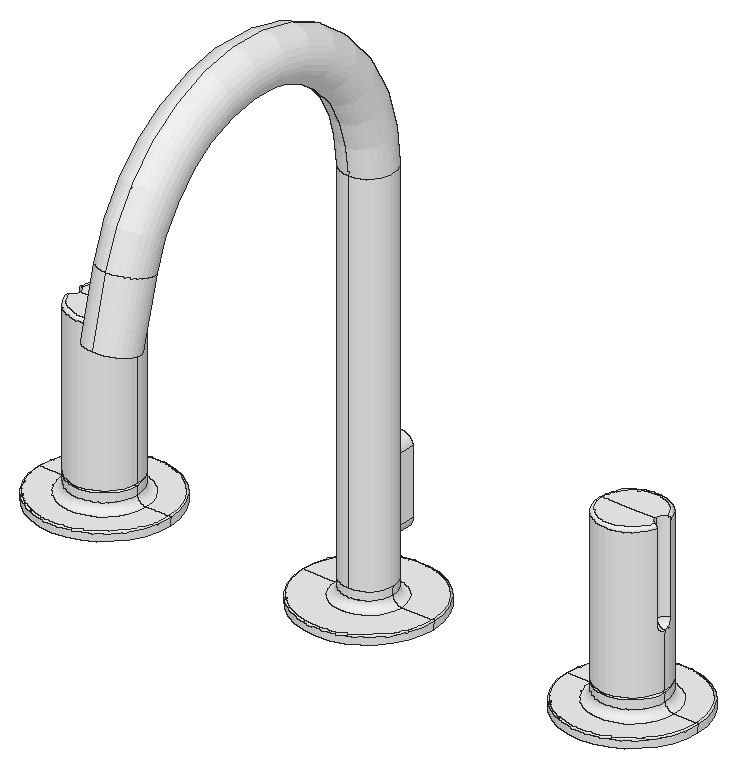
Revit family "Faucet-Two_Handle-American_Standard-Studio_S-7105.8X1_Series", category Plumbing Fixtures, Revit 2014
Parameters (values of type "7105821")
  Width = 4 7/8"  # constant formula
  Waste Connection = yes
  Warranty Information = "Limited Lifetime Function and Finish Warranty"  # constant formula
  WFU = 2  # constant formula
  Vent Connection = yes
  URL = "https://www.americanstandard-us.com/"
  Specification = "Two-handle widespread lavatory faucet shall feature cast brass valve bodies with flexible hose connections for 6\" to 12\" installations. Shall also feature 1/4 turn washerless ceramic disc valve cartridges. Shall also feature a metal drain body with stainless steel cable actuation."
  Product Page URL = "https://www.americanstandard-us.com/bathroom/bathroom-sink-faucets/studio-s-widespread-bathroom-faucet-31969"
  Product Documentation Link = "https://www.americanstandard-us.com/-/media/sites/asus/files/product-specs/bathroom-sink-faucets/2017/specsheet-7105801-7105821.pdf?la=en"
  Price = "Prices may vary. Please consult Manufacturer Representative for most up-to-date price list."  # constant formula
  Model = "7105821"
  Material = "Brass-American Standard-002-Polished Chrome"
  Manufacturer = "American Standard"  # constant formula
  Lever Handles = no
  Length = 8"
  Knob Handles = yes
  Installation Type = "Deck Mounted"  # constant formula
  Hot Water Connection Radius = 1/4"  # constant formula
  Hot Water Connection Diameter = Hot Water Connection Radius * 2  # 1/2"
  Height = 8 11/16"  # constant formula
  HWFU = 1.5  # constant formula
  HW Connection = no
  Flow Rate = "1.2 gpm/ 4.5 L/min."  # constant formula
  Finish = Brass-American Standard-002-Polished Chrome
  Description = "Studio S Two-Handle Widespread Lavatory Faucet. Metal Speed Connect® pop-up drain. Metal knob handles."
  Default Elevation = 0"
  Creation Date = "01/03/2018"  # constant formula
  Cold Water Connection Radius = 1/4"  # constant formula
  Cold Water Connection Diameter = Cold Water Connection Radius * 2  # 1/2"
  CWFU = 1.5  # constant formula
  CW Connection = yes
  Assembly Code = "D2020300"
  ADA Compliant = yes
Types (3): name | Product Page URL | Model | Lever Handles | Knob Handles | Description
  (no name) | "https://www.americanstandard-us.com/bathroom/bathroom-sink-faucets/studio-s-widespread-bathroom-faucet-31969" | "7105821" | no | yes | "Studio S Two-Handle Widespread Lavatory Faucet. Metal Speed Connect® pop-up drain. Metal knob handles."
  7105801 | "https://www.americanstandard-us.com/bathroom/bathroom-sink-faucets/studio-s-widespread-bathroom-faucet-31966" | "7105801" | yes | no | "Studio S Two-Handle Widespread Lavatory Faucet. Metal Speed Connect® pop-up drain. Metal lever handles."
  7105821 | "https://www.americanstandard-us.com/bathroom/bathroom-sink-faucets/studio-s-widespread-bathroom-faucet-31969" | "7105821" | no | yes | "Studio S Two-Handle Widespread Lavatory Faucet. Metal Speed Connect® pop-up drain. Metal knob handles."
Reference planes (in)
  plane 1 "Center (Front/Back)": y = 0
  plane 2: z = 0
  plane 3 "Center (Left/Right)": x = 0
  plane 4: x = 4
  plane 5: x = -4
  plane 6: y = -4.875
  plane 7: z = 8.6875
  plane 8: z = 5.5625
  plane 9: x = -1
  plane 10: x = 1
  plane 11: x = 6.6875
  plane 12: x = -6.6875
  plane 13: z = 2.75498
  plane 14: z = 2.07971
  plane 15: z = 0.77461
Forms (in)
  Sweep 1, solid, material "Brass-American Standard-002-Polished Chrome" <- "Finish"
    path origin (0, 0, 0) x (0, 1, 0) y (0, 0, 1)
      loop
        line (0, 0.375) -> (0, 5.97193)
        arc (0, 5.97193) -> (-2.03574, 8.29325) -> (-4.60292, 6.57792) r 2.34135
        line (-4.60292, 6.57792) -> (-4.86174, 5.61199)
    profile origin (0, 0, 3.17347) x (0, -1, 0) y (1, 0, 0)
      loop
        circle (0, 0) r 0.37586
  Revolve 2, solid, material "Brass-American Standard-002-Polished Chrome" <- "Finish"
    sketch origin (0, 0, 0) x (1, 0, 0) y (0, 0, 1)
      loop
        line (1, 0) -> (1, 0.10498)
        arc (1, 0.10498) -> (0.99414, 0.11914) -> (0.97998, 0.125) r 0.02002
        line (0.97998, 0.125) -> (0.50076, 0.125)
        arc (0.50076, 0.125) -> (0.41244, 0.16158) -> (0.37586, 0.24989) r 0.12489
        line (0.37586, 0.24989) -> (0.37586, 0.375) -> (0, 0.375) -> (0, 0) -> (1, 0)
      axis (0, 0.375) -> (0, 0)
    angle from 0 to 360
  Revolve 3, solid, material "Brass-American Standard-002-Polished Chrome" <- "Finish", visible <- "Lever Handles"
    sketch origin (4, 0, 0) x (1, 0, 0) y (0, 0, 1)
      loop
        line (1, 0) -> (1, 0.10498)
        arc (1, 0.10498) -> (0.99414, 0.11914) -> (0.97998, 0.125) r 0.02002
        line (0.97998, 0.125) -> (0.62576, 0.125)
        arc (0.62576, 0.125) -> (0.53744, 0.16158) -> (0.50086, 0.24989) r 0.12489
        line (0.50086, 0.24989) -> (0.50086, 0.375) -> (0.3919, 0.375) -> (0.3919, 0.40642) -> (0.50086, 0.40642) -> (0.50086, 2.69722) -> (0, 2.69722) -> (0, 0) -> (1, 0)
      axis (0, 2.69722) -> (0, 0)
    angle from 0 to 360
  Sweep 4, solid, material "Brass-American Standard-002-Polished Chrome" <- "Finish", visible <- "Lever Handles"
    path origin (0, 0, 0) x (1, 0, 0) y (0, 1, 0)
      loop
        line (4.37698, -0.32978) -> (6.40336, -0.32978)
        arc (6.40336, -0.32978) -> (6.55805, -0.28396) -> (6.66283, -0.1613) r 0.28404
        arc (6.66283, -0.1613) -> (6.68119, -0.10481) -> (6.6874, -0.04574) r 0.28404
        line (6.6874, -0.04574) -> (6.6874, 0.04574)
        arc (6.6874, 0.04574) -> (6.68119, 0.10481) -> (6.66283, 0.1613) r 0.28404
        arc (6.66283, 0.1613) -> (6.55805, 0.28396) -> (6.40336, 0.32978) r 0.28404
        line (6.40336, 0.32978) -> (4.37698, 0.32978)
        arc (4.37698, 0.32978) -> (3.82386, 0.46887) -> (3.49914, 0) r 0.50086
        arc (3.49914, 0) -> (3.82386, -0.46887) -> (4.37698, -0.32978) r 0.50086
    profile origin (5.39017, -0.32978, 0) x (0, 1, 0) y (0, 0, 1)
      loop
        line (0, 2.69722) -> (0.05828, 2.69722) -> (0.05828, 2.75498) -> (0.02478, 2.75498)
        arc (0.02478, 2.75498) -> (0.00726, 2.74772) -> (0, 2.73021) r 0.02478
        line (0, 2.73021) -> (0, 2.69722)
  Extrusion 5, solid, material "Brass-American Standard-002-Polished Chrome" <- "Finish", visible <- "Lever Handles"
    sketch origin (0, 0, -0.03125) x (1, 0, 0) y (0, 1, 0)
      loop
        arc (4.34952, 0.27149) -> (3.55742, 0) -> (4.34952, -0.27149) r 0.44258
        line (4.34952, -0.27149) -> (6.40336, -0.27149)
        arc (6.40336, -0.27149) -> (6.52631, -0.23508) -> (6.60959, -0.13759) r 0.22575
        arc (6.60959, -0.13759) -> (6.62418, -0.09269) -> (6.62912, -0.04574) r 0.22575
        line (6.62912, -0.04574) -> (6.62912, 0.04574)
        arc (6.62912, 0.04574) -> (6.62418, 0.09269) -> (6.60959, 0.13759) r 0.22575
        arc (6.60959, 0.13759) -> (6.52631, 0.23508) -> (6.40336, 0.27149) r 0.22575
        line (6.40336, 0.27149) -> (4.34952, 0.27149)
    from 2.72847 to 2.78623
  Revolve 6, solid, material "Brass-American Standard-002-Polished Chrome" <- "Finish", visible <- "Lever Handles"
    sketch origin (0, 0, -0.24223) x (1, 0, 0) y (0, 0, 1)
      loop
        arc (6.40336, 2.60968) -> (6.60421, 2.69287) -> (6.6874, 2.89372) r 0.28404
        line (6.6874, 2.89372) -> (6.6874, 2.93946) -> (4, 2.93946) -> (4, 2.60968) -> (6.40336, 2.60968)
      axis (4, 2.93946) -> (6.6874, 2.93946)
    angle from 90 to -90
  Revolve 7, solid, material "Brass-American Standard-002-Polished Chrome" <- "Finish", visible <- "Lever Handles"
    sketch origin (-4, 0, 0) x (-1, 0, 0) y (0, 0, 1)
      loop
        line (1, 0) -> (1, 0.10498)
        arc (1, 0.10498) -> (0.99414, 0.11914) -> (0.97998, 0.125) r 0.02002
        line (0.97998, 0.125) -> (0.62576, 0.125)
        arc (0.62576, 0.125) -> (0.53744, 0.16158) -> (0.50086, 0.24989) r 0.12489
        line (0.50086, 0.24989) -> (0.50086, 0.375) -> (0.3919, 0.375) -> (0.3919, 0.40642) -> (0.50086, 0.40642) -> (0.50086, 2.69722) -> (0, 2.69722) -> (0, 0) -> (1, 0)
      axis (0, 2.69722) -> (0, 0)
    angle from 0 to 360
  Sweep 8, solid, material "Brass-American Standard-002-Polished Chrome" <- "Finish", visible <- "Lever Handles"
    path origin (0, 0, 0) x (-1, 0, 0) y (0, 1, 0)
      loop
        line (4.37698, -0.32978) -> (6.40336, -0.32978)
        arc (6.40336, -0.32978) -> (6.55805, -0.28396) -> (6.66283, -0.1613) r 0.28404
        arc (6.66283, -0.1613) -> (6.68119, -0.10481) -> (6.6874, -0.04574) r 0.28404
        line (6.6874, -0.04574) -> (6.6874, 0.04574)
        arc (6.6874, 0.04574) -> (6.68119, 0.10481) -> (6.66283, 0.1613) r 0.28404
        arc (6.66283, 0.1613) -> (6.55805, 0.28396) -> (6.40336, 0.32978) r 0.28404
        line (6.40336, 0.32978) -> (4.37698, 0.32978)
        arc (4.37698, 0.32978) -> (3.82386, 0.46887) -> (3.49914, 0) r 0.50086
        arc (3.49914, 0) -> (3.82386, -0.46887) -> (4.37698, -0.32978) r 0.50086
    profile origin (-5.39017, -0.32978, 0) x (0, -1, 0) y (0, 0, 1)
      loop
        line (0, 2.69722) -> (0, 2.73021)
        arc (0, 2.73021) -> (-0.00726, 2.74772) -> (-0.02478, 2.75498) r 0.02478
        line (-0.02478, 2.75498) -> (-0.05828, 2.75498) -> (-0.05828, 2.69722) -> (0, 2.69722)
  Extrusion 9, solid, material "Brass-American Standard-002-Polished Chrome" <- "Finish", visible <- "Lever Handles"
    sketch origin (0, 0, -0.03125) x (-1, 0, 0) y (0, -1, 0)
      loop
        line (4.34952, -0.27149) -> (6.40336, -0.27149)
        arc (6.40336, -0.27149) -> (6.52631, -0.23508) -> (6.60959, -0.13759) r 0.22575
        arc (6.60959, -0.13759) -> (6.62418, -0.09269) -> (6.62912, -0.04574) r 0.22575
        line (6.62912, -0.04574) -> (6.62912, 0.04574)
        arc (6.62912, 0.04574) -> (6.62418, 0.09269) -> (6.60959, 0.13759) r 0.22575
        arc (6.60959, 0.13759) -> (6.52631, 0.23508) -> (6.40336, 0.27149) r 0.22575
        line (6.40336, 0.27149) -> (4.34952, 0.27149)
        arc (4.34952, 0.27149) -> (3.55742, 0) -> (4.34952, -0.27149) r 0.44258
    from 2.72847 to 2.78623
  Revolve 10, solid, material "Brass-American Standard-002-Polished Chrome" <- "Finish", visible <- "Lever Handles"
    sketch origin (0, 0, -0.24223) x (-1, 0, 0) y (0, 0, -1)
      loop
        line (6.40336, -2.60968) -> (4, -2.60968) -> (4, -2.93946) -> (6.6874, -2.93946) -> (6.6874, -2.89372)
        arc (6.6874, -2.89372) -> (6.60421, -2.69287) -> (6.40336, -2.60968) r 0.28404
      axis (4, -2.93946) -> (6.6874, -2.93946)
    angle from 90 to -90
  Extrusion 11, solid, material "Brass-American Standard-002-Polished Chrome" <- "Finish"
    sketch origin (0, 0, 0) x (1, 0, 0) y (0, 0, 1)
      loop
        arc (0.16462, 1.91509) -> (0, 2.07971) -> (-0.16462, 1.91509) r 0.16462
        line (-0.16462, 1.91509) -> (-0.16462, 0.93923)
        arc (-0.16462, 0.93923) -> (0, 0.77461) -> (0.16462, 0.93923) r 0.16462
        line (0.16462, 0.93923) -> (0.16462, 1.91509)
    from -0.63588 to 0
  Revolve 12, solid, material "Brass-American Standard-002-Polished Chrome" <- "Finish"
    sketch origin (0, 0, 0) x (0, 1, 0) y (0, 0, 1)
      loop
        line (-4.875, 5.5625) -> (-4.86174, 5.61199) -> (-5.11634, 5.68021)
        arc (-5.11634, 5.68021) -> (-5.00176, 5.60887) -> (-4.875, 5.5625) r 0.65566
      axis (-4.86174, 5.61199) -> (-4.875, 5.5625)
    angle from 0 to 360
  Revolve 13, solid, material "Brass-American Standard-002-Polished Chrome" <- "Finish", visible <- "Knob Handles"
    sketch origin (0, 0, -3.8662) x (1, 0, 0) y (0, 0, 1)
      loop
        line (-5, 3.8662) -> (-4, 3.8662) -> (-4, 6.56343) -> (-4.45247, 6.56343)
        arc (-4.45247, 6.56343) -> (-4.48669, 6.54925) -> (-4.50086, 6.51503) r 0.04839
        line (-4.50086, 6.51503) -> (-4.50086, 4.27262) -> (-4.3919, 4.27262) -> (-4.3919, 4.2412) -> (-4.50086, 4.2412) -> (-4.50086, 4.1161)
        arc (-4.50086, 4.1161) -> (-4.53744, 4.02779) -> (-4.62576, 3.9912) r 0.12489
        line (-4.62576, 3.9912) -> (-4.97998, 3.9912)
        arc (-4.97998, 3.9912) -> (-4.99414, 3.98534) -> (-5, 3.97119) r 0.02002
        line (-5, 3.97119) -> (-5, 3.8662)
      axis (-4, 6.56343) -> (-4, 3.8662)
    angle from 0 to 360
  Revolve 14, void
    sketch origin (0, 0, -3.3662) x (1, 0, 0) y (0, 0, 1)
      loop
        line (-4.50086, 6.11145) -> (-4.50086, 4.58334)
        arc (-4.50086, 4.58334) -> (-4.4048, 4.61266) -> (-4.3634, 4.70417) r 0.12183
        line (-4.3634, 4.70417) -> (-4.3634, 6.11145) -> (-4.50086, 6.11145)
      axis (-4.50086, 6.11145) -> (-4.50086, 4.58334)
    angle from 0 to 360
  Revolve 15, solid, material "Brass-American Standard-002-Polished Chrome" <- "Finish", visible <- "Knob Handles"
    sketch origin (0, 0, -3.8662) x (-1, 0, 0) y (0, 0, 1)
      loop
        line (-5, 3.8662) -> (-4, 3.8662) -> (-4, 6.56343) -> (-4.45247, 6.56343)
        arc (-4.45247, 6.56343) -> (-4.48669, 6.54925) -> (-4.50086, 6.51503) r 0.04839
        line (-4.50086, 6.51503) -> (-4.50086, 4.27262) -> (-4.3919, 4.27262) -> (-4.3919, 4.2412) -> (-4.50086, 4.2412) -> (-4.50086, 4.1161)
        arc (-4.50086, 4.1161) -> (-4.53744, 4.02779) -> (-4.62576, 3.9912) r 0.12489
        line (-4.62576, 3.9912) -> (-4.97998, 3.9912)
        arc (-4.97998, 3.9912) -> (-4.99414, 3.98534) -> (-5, 3.97119) r 0.02002
        line (-5, 3.97119) -> (-5, 3.8662)
      axis (-4, 6.56343) -> (-4, 3.8662)
    angle from 0 to 360
  Revolve 16, void
    sketch origin (0, 0, -3.3662) x (-1, 0, 0) y (0, 0, 1)
      loop
        line (-4.50086, 6.11145) -> (-4.50086, 4.58334)
        arc (-4.50086, 4.58334) -> (-4.4048, 4.61266) -> (-4.3634, 4.70417) r 0.12183
        line (-4.3634, 4.70417) -> (-4.3634, 6.11145) -> (-4.50086, 6.11145)
      axis (-4.50086, 6.11145) -> (-4.50086, 4.58334)
    angle from 0 to 360
Cuts and joins
  joined: Revolve 3, Sweep 4, Extrusion 5, Revolve 6, Revolve 7, Sweep 8, Extrusion 9, Revolve 10
  Revolve 14, Revolve 16 cuts Revolve 13
  Revolve 16 cuts Revolve 15
  joined: Sweep 1, Revolve 2, Extrusion 11, Revolve 12
Lines and regions (in)
  Masking region 1, visible <- "Lever Handles"
    outline origin (0, 0, 0) x (1, 0, 0) y (0, 1, 0)
      loop
        arc (4.94403, 0.32985) -> (3, -0.00004) -> (4.94406, -0.32978) r 1
        line (4.94406, -0.32978) -> (6.41468, -0.32978)
        arc (6.41468, -0.32978) -> (6.60797, -0.24573) -> (6.6875, -0.05054) r 0.27932
        line (6.6875, -0.05054) -> (6.6875, 0.05054)
        arc (6.6875, 0.05054) -> (6.60569, 0.24804) -> (6.40818, 0.32985) r 0.27932
        line (6.40818, 0.32985) -> (4.94403, 0.32985)
      loop
        line (-4.94406, 0.32977) -> (-6.40845, 0.32977)
        arc (-6.40845, 0.32977) -> (-6.60587, 0.24799) -> (-6.68764, 0.05058) r 0.27919
        line (-6.68764, 0.05058) -> (-6.68764, -0.05054)
        arc (-6.68764, -0.05054) -> (-6.60849, -0.24538) -> (-6.41587, -0.32982) r 0.27939
        line (-6.41587, -0.32982) -> (-4.94404, -0.32982)
        arc (-4.94404, -0.32982) -> (-3, 0.00003) -> (-4.94406, 0.32977) r 1
  Masking region 2
    outline origin (0, 0, 0) x (1, 0, 0) y (0, 1, 0)
      loop
        arc (0.37586, -0.92668) -> (0, 1) -> (-0.37586, -0.92668) r 1
        line (-0.37586, -0.92668) -> (-0.37586, -4.86174)
        spline (-0.37586, -4.86174) -> (-0.36306, -4.9557) -> (-0.32551, -5.04327) -> (-0.26578, -5.11846) -> (-0.18793, -5.17615) -> (-0.09728, -5.21242) -> (0, -5.22479) -> (0.09728, -5.21242) -> (0.18793, -5.17615) -> (0.26578, -5.11846) -> (0.32551, -5.04327) -> (0.36306, -4.9557) -> (0.37586, -4.86174)
        line (0.37586, -4.86174) -> (0.37586, -0.92668)
  Masking region 3, visible <- "Knob Handles"
    outline origin (0, 0, 0) x (1, 0, 0) y (0, 1, 0)
      loop
        circle (-4, -0.00001) r 1
      loop
        circle (4, 0) r 1
  symbolic lines, visible <- "Lever Handles", detail levels medium+fine
    curve 1: line (4.94403, 0.32985, 0) -> (4.37701, 0.32985, 0)
    curve 2: line (4.94406, -0.32978, 0) -> (4.37701, -0.32978, 0)
    curve 3: arc (4.37701, 0.32985, 0) -> (3.49914, 0.00004, 0) -> (4.37701, -0.32978, 0) r 0.50089
    curve 4: line (-4.94406, 0.32977, 0) -> (-4.37728, 0.32977, 0)
    curve 5: line (-4.94404, -0.32982, 0) -> (-4.37728, -0.32982, 0)
    curve 6: arc (-4.37728, 0.32977, 0) -> (-3.49914, -0.00003, 0) -> (-4.37728, -0.32982, 0) r 0.501
  symbolic lines, detail levels medium+fine
    curve 7: line (-0.37586, -0.92668, 0) -> (-0.37586, 0, 0)
    curve 8: line (0.37586, -0.92668, 0) -> (0.37586, 0, 0)
    curve 9: arc (-0.37586, 0, 0) -> (0, 0.37586, 0) -> (0.37586, 0, 0) r 0.37586
  symbolic lines, detail levels fine
    curve 10: line (0.16462, 0.63588, 0) -> (-0.16462, 0.63588, 0)
    curve 11: line (0.16462, 0.63588, 0) -> (0.16462, 0.33789, 0)
    curve 12: line (-0.16462, 0.63588, 0) -> (-0.16462, 0.33789, 0)
  symbolic lines, visible <- "Knob Handles", detail levels medium+fine
    curve 13: circle (-4, 0, 0) r 0.50086 normal (0, 0, -1)
    curve 14: circle (4, 0, 0) r 0.50086 normal (0, 0, 1)
  symbolic lines, visible <- "Knob Handles", detail levels fine
    curve 15: arc (-4.482, -0.13616, 0) -> (-4.3634, 0, 0) -> (-4.482, 0.13616, 0) r 0.13746
    curve 16: arc (4.482, -0.13616, 0) -> (4.3634, 0, 0) -> (4.482, 0.13616, 0) r 0.13746
Dimensions and locks (in)
  "Width": plane 1 "Center (Front/Back)" to plane 6
  "Height": plane 7 to plane 2
  plane 8 to plane 2 = 5 9/16"
  plane 13 to plane 2 = 2.75498"
  equal spacing: plane 4, plane 3 "Center (Left/Right)", plane 5
  locked: plane 11 to plane 4 at 2.6875
  locked: plane 5 to plane 12 at 2.6875
  "Length": plane 4 to plane 5
  aligned and locked: Masking region 1 sketch curve to plane 11
  aligned and locked: Masking region 3 sketch curve to Masking region 1  (x2)
  aligned and locked: curve 13 to cut or joined group of Revolve 13, Revolve 14, Revolve 16
  aligned and locked: curve 15 to cut or joined group of Revolve 13, Revolve 14, Revolve 16
  aligned and locked: curve 16 to cut or joined group of Revolve 15, Revolve 16
Automatic sketch dimensions
  Sweep 1 sketch curve to plane 1 "Center (Front/Back)" = 0"
  plane 8 to Sweep 1 sketch curve = 0.40943"
  plane 1 "Center (Front/Back)" to Sweep 1 sketch curve = 2.34135"
  Sweep 1 sketch curve to plane 6 = 0.27208"
  Sweep 1 sketch curve to plane 6 = 0.01326"
  plane 8 to Sweep 1 sketch curve = 0.04949"
  level to Sweep 1 sketch curve = 3/8"
  Sweep 1 sketch curve to plane 3 "Center (Left/Right)" = 0"
  Sweep 1 sketch curve to profile plane = 0"
  Revolve 2 sketch curve to plane 3 "Center (Left/Right)" = 0"  (x2)
  Revolve 2 sketch curve to level = 0"
  Revolve 2 sketch curve to plane 10 = 0"
  level to Revolve 2 sketch curve = 0.24989"
  plane 3 "Center (Left/Right)" to Revolve 2 sketch curve = 0.37586"
  Revolve 2 sketch curve to Revolve 2 sketch curve = 0.12489"
  Revolve 2 sketch curve to Revolve 2 sketch curve = 0.02002"
  Revolve 2 sketch curve to Revolve 2 sketch curve = 3/8"
  Revolve 2 sketch curve to level = 0.37689"
  plane 13 to Revolve 2 sketch curve = 0.13187"
  Revolve 3 sketch curve to plane 4 = 0"  (x2)
  Revolve 3 sketch curve to level = 0"
  plane 4 to Revolve 3 sketch curve = 0.3919"
  Revolve 3 sketch curve to Revolve 3 sketch curve = 0.10896"
  Revolve 3 sketch curve to Revolve 3 sketch curve = 0"
  Revolve 3 sketch curve to Revolve 3 sketch curve = 0.12489"
  level to Revolve 3 sketch curve = 0.10498"
  Revolve 3 sketch curve to Revolve 3 sketch curve = 0.35422"
  Revolve 3 sketch curve to Revolve 3 sketch curve = 0.02002"
  Revolve 3 sketch curve to Revolve 3 sketch curve = 0.12511"
  Revolve 3 sketch curve to Revolve 3 sketch curve = 0.03142"
  plane 13 to Revolve 3 sketch curve = 0.05776"
  Revolve 3 sketch curve to level = 0.37689"
  Revolve 3 sketch curve to Revolve 3 sketch curve = 0.07411"
  Sweep 4 sketch curve to Sweep 4 sketch curve = 0"  (x6)
  plane 1 "Center (Front/Back)" to Sweep 4 sketch curve = 0"
  Sweep 4 sketch curve to plane 4 = 0"
  plane 4 to Sweep 4 sketch curve = 0.37698"  (x2)
  Sweep 4 sketch curve to plane 11 = 0.28414"  (x2)
  Sweep 4 sketch curve to plane 11 = 0.0001"
  plane 1 "Center (Front/Back)" to Sweep 4 sketch curve = 0.04574"
  Sweep 4 sketch curve to plane 11 = 0.02467"  (x2)
  Sweep 4 sketch curve to profile plane = 0"
  Sweep 4 sketch curve to Sweep 4 sketch curve = 0.02478"
  Sweep 4 sketch curve to Sweep 4 sketch curve = 0.03351"
  level to Sweep 4 sketch curve = 2.69722"
  Sweep 4 sketch curve to Sweep 4 sketch curve = 0.03298"
  Extrusion 5 sketch curve to Extrusion 5 sketch curve = 0"  (x4)
  plane 1 "Center (Front/Back)" to Extrusion 5 sketch curve = 0"
  Extrusion 5 sketch curve to plane 4 = 0"
  plane 4 to Extrusion 5 sketch curve = 0.34952"  (x2)
  Extrusion 5 sketch curve to plane 11 = 0.28414"  (x2)
  Extrusion 5 sketch curve to plane 11 = 0.05838"
  plane 1 "Center (Front/Back)" to Extrusion 5 sketch curve = 0.04574"
  Extrusion 5 sketch curve to plane 11 = 0.07791"  (x2)
  Revolve 6 sketch curve to plane 4 = 0"
  plane 13 to Revolve 6 sketch curve = 0.1035"
  Revolve 6 sketch curve to plane 11 = 0.28414"
  Revolve 6 sketch curve to plane 11 = 0.0001"
  plane 13 to Revolve 6 sketch curve = 0.05776"  (x2)
  Revolve 6 sketch curve to plane 4 = 0.50086"
  plane 4 to Revolve 6 sketch curve = 0.99914"
  Revolve 7 sketch curve to plane 5 = 0"  (x2)
  Revolve 7 sketch curve to level = 0"
  plane 5 to Revolve 7 sketch curve = 0.3919"
  Revolve 7 sketch curve to Revolve 7 sketch curve = 0.10896"
  Revolve 7 sketch curve to Revolve 7 sketch curve = 0"
  Revolve 7 sketch curve to Revolve 7 sketch curve = 0.12489"
  Revolve 7 sketch curve to level = 0.10498"
  Revolve 7 sketch curve to Revolve 7 sketch curve = 0.35422"
  Revolve 7 sketch curve to Revolve 7 sketch curve = 0.02002"
  Revolve 7 sketch curve to Revolve 7 sketch curve = 0.12511"
  Revolve 7 sketch curve to Revolve 7 sketch curve = 0.03142"
  Revolve 7 sketch curve to plane 13 = 0.05776"
  level to Revolve 7 sketch curve = 0.37689"
  Revolve 7 sketch curve to Revolve 7 sketch curve = 0.07411"
  Sweep 8 sketch curve to Sweep 8 sketch curve = 0"  (x6)
  plane 1 "Center (Front/Back)" to Sweep 8 sketch curve = 0"
  Sweep 8 sketch curve to plane 5 = 0"
  plane 5 to Sweep 8 sketch curve = 0.37698"  (x2)
  Sweep 8 sketch curve to plane 12 = 0.28414"  (x2)
  Sweep 8 sketch curve to plane 12 = 0.0001"
  Sweep 8 sketch curve to plane 1 "Center (Front/Back)" = 0.04574"
  Sweep 8 sketch curve to plane 12 = 0.02467"  (x2)
  Sweep 8 sketch curve to profile plane = 0"
  Sweep 8 sketch curve to Sweep 8 sketch curve = 0.02478"
  Sweep 8 sketch curve to Sweep 8 sketch curve = 0.03351"
  level to Sweep 8 sketch curve = 2.69722"
  Sweep 8 sketch curve to Sweep 8 sketch curve = 0.03298"
  Extrusion 9 sketch curve to Extrusion 9 sketch curve = 0"  (x4)
  plane 1 "Center (Front/Back)" to Extrusion 9 sketch curve = 0"
  Extrusion 9 sketch curve to plane 5 = 0"
  Extrusion 9 sketch curve to plane 5 = 0.34952"  (x2)
  plane 12 to Extrusion 9 sketch curve = 0.28414"  (x2)
  plane 12 to Extrusion 9 sketch curve = 0.05838"
  Extrusion 9 sketch curve to plane 1 "Center (Front/Back)" = 0.04574"
  plane 12 to Extrusion 9 sketch curve = 0.07791"  (x2)
  Revolve 10 sketch curve to plane 5 = 0"
  plane 13 to Revolve 10 sketch curve = 0.1035"
  plane 12 to Revolve 10 sketch curve = 0.28414"
  plane 12 to Revolve 10 sketch curve = 0.0001"
  plane 13 to Revolve 10 sketch curve = 0.05776"  (x2)
  plane 5 to Revolve 10 sketch curve = 0.50086"
  Revolve 10 sketch curve to Revolve 10 sketch curve = 0.99914"
  Extrusion 11 sketch curve to plane 3 "Center (Left/Right)" = 0"
  Extrusion 11 sketch curve to Extrusion 11 sketch curve = 0.16462"
  plane 15 to Extrusion 11 sketch curve = 0.16462"
  Extrusion 11 sketch curve to plane 14 = 0.16462"
  Revolve 12 sketch curve to plane 6 = 0"  (x2)
  Revolve 12 sketch curve to plane 8 = 0"  (x2)
  plane 8 to Revolve 12 sketch curve = 0.11771"
  plane 6 to Revolve 12 sketch curve = 0.24134"
  Revolve 12 sketch curve to plane 6 = 0.01326"
  Revolve 12 sketch curve to plane 6 = 0.16066"
  Revolve 12 sketch curve to Revolve 12 sketch curve = 0"  (x2)
  plane 1 "Center (Front/Back)" to Masking region 1 sketch curve = 0"  (x2)
  Masking region 1 sketch curve to plane 5 = 0"
  Masking region 1 sketch curve to plane 4 = 0"
  plane 1 "Center (Front/Back)" to Masking region 1 sketch curve = 0.32982"
  Masking region 1 sketch curve to plane 5 = 0.94404"
  Masking region 1 sketch curve to plane 1 "Center (Front/Back)" = 0.32977"
  plane 1 "Center (Front/Back)" to Masking region 1 sketch curve = 0.05054"  (x2)
  plane 12 to Masking region 1 sketch curve = 0.27925"
  plane 12 to Masking region 1 sketch curve = 0.27905"
  plane 12 to Masking region 1 sketch curve = 0.27163"
  Masking region 1 sketch curve to plane 1 "Center (Front/Back)" = 0.32985"
  plane 4 to Masking region 1 sketch curve = 0.94403"
  plane 1 "Center (Front/Back)" to Masking region 1 sketch curve = 0.32978"
  Masking region 1 sketch curve to Masking region 1 sketch curve = 0.27932"
  Masking region 1 sketch curve to plane 1 "Center (Front/Back)" = 0.05054"
  Revolve 13 sketch curve to plane 5 = 0"  (x2)
  Revolve 13 sketch curve to plane 5 = 0.3919"
  Revolve 13 sketch curve to Revolve 13 sketch curve = 0.45247"
  Revolve 13 sketch curve to Revolve 13 sketch curve = 0.10896"
  Revolve 13 sketch curve to Revolve 13 sketch curve = 0"
  Revolve 13 sketch curve to Revolve 13 sketch curve = 0.12489"
  Revolve 13 sketch curve to Revolve 13 sketch curve = 0.35422"
  Revolve 13 sketch curve to Revolve 13 sketch curve = 0.02002"
  plane 13 to Revolve 13 sketch curve = 2.75498"
  Revolve 13 sketch curve to Revolve 13 sketch curve = 0.10498"
  Revolve 13 sketch curve to Revolve 13 sketch curve = 0.12511"
  Revolve 13 sketch curve to Revolve 13 sketch curve = 0.03142"
  Revolve 13 sketch curve to plane 8 = 2.91367"
  Revolve 13 sketch curve to Revolve 13 sketch curve = 0.11122"
  Revolve 13 sketch curve to Revolve 13 sketch curve = 0.13878"
  Revolve 14 sketch curve to plane 5 = 0.50086"
  Revolve 14 sketch curve to Revolve 14 sketch curve = 1/64"
  Revolve 14 sketch curve to Revolve 14 sketch curve = 0.13746"
  Revolve 14 sketch curve to plane 8 = 4.34536"
  Revolve 14 sketch curve to plane 8 = 2.81725"
  Revolve 14 sketch curve to Revolve 14 sketch curve = 0"
  Revolve 14 sketch curve to Revolve 14 sketch curve = 0.16117"
  Revolve 14 sketch curve to Revolve 14 sketch curve = 0.09962"
  Revolve 15 sketch curve to plane 4 = 0"  (x2)
  Revolve 15 sketch curve to plane 4 = 0.3919"
  Revolve 15 sketch curve to plane 4 = 0.45247"
  Revolve 15 sketch curve to Revolve 15 sketch curve = 0.10896"
  Revolve 15 sketch curve to Revolve 15 sketch curve = 0"
  Revolve 15 sketch curve to Revolve 15 sketch curve = 0.12489"
  Revolve 15 sketch curve to Revolve 15 sketch curve = 0.35422"
  Revolve 15 sketch curve to Revolve 15 sketch curve = 0.02002"
  Revolve 15 sketch curve to plane 13 = 2.75498"
  Revolve 15 sketch curve to Revolve 15 sketch curve = 0.10498"
  Revolve 15 sketch curve to Revolve 15 sketch curve = 0.12511"
  Revolve 15 sketch curve to Revolve 15 sketch curve = 0.03142"
  plane 8 to Revolve 15 sketch curve = 2.91367"
  Revolve 15 sketch curve to Revolve 15 sketch curve = 0.11122"
  Revolve 15 sketch curve to Revolve 15 sketch curve = 0.13878"
  Revolve 16 sketch curve to plane 4 = 0.50086"
  Revolve 16 sketch curve to Revolve 16 sketch curve = 1/64"
  Revolve 16 sketch curve to Revolve 16 sketch curve = 0.13746"
  plane 8 to Revolve 16 sketch curve = 4.34536"
  plane 8 to Revolve 16 sketch curve = 2.81725"
  Revolve 16 sketch curve to Revolve 16 sketch curve = 0"
  Revolve 16 sketch curve to Revolve 16 sketch curve = 0.16117"
  Revolve 16 sketch curve to Revolve 16 sketch curve = 0.09962"
  Masking region 2 sketch curve to plane 3 "Center (Left/Right)" = 0"  (x2)
  plane 1 "Center (Front/Back)" to Masking region 2 sketch curve = 0"
  Masking region 2 sketch curve to plane 3 "Center (Left/Right)" = 0.37586"
  plane 1 "Center (Front/Back)" to Masking region 2 sketch curve = 0.92668"
  Masking region 2 sketch curve to plane 6 = 0.01326"
  plane 1 "Center (Front/Back)" to Masking region 3 sketch curve = 0.32982"
  Masking region 3 sketch curve to Masking region 3 sketch curve = 0"
  plane 1 "Center (Front/Back)" to curve 9 = 0"
  curve 9 to plane 3 "Center (Left/Right)" = 0"
  plane 1 "Center (Front/Back)" to curve 14 = 0"
  curve 14 to plane 4 = 0"
  curve 15 to curve 5 = 0.10472"
  curve 15 to curve 4 = 0.10472"
  plane 1 "Center (Front/Back)" to curve 6 = 0.00003"
  curve 6 to plane 5 = 0.00014"
  curve 7 to plane 3 "Center (Left/Right)" = 0.37586"
  curve 12 to plane 3 "Center (Left/Right)" = 0.16462"
  plane 3 "Center (Left/Right)" to curve 11 = 0.16462"
  plane 4 to curve 3 = 0.00003"
  curve 2 to curve 16 = 0.12385"
  curve 1 to curve 16 = 0.12385"
  plane 1 "Center (Front/Back)" to curve 2 = 0.32978"
  curve 5 to curve 15 = 0.19366"
  curve 3 to plane 1 "Center (Front/Back)" = 0.00004"
  curve 12 to curve 12 = 0.29798"
  curve 5 to curve 15 = 0.46204"
  curve 4 to curve 15 = 0.46206"
  curve 16 to plane 1 "Center (Front/Back)" = 0.13616"
  curve 16 to curve 1 = 0.46203"
  curve 16 to curve 2 = 0.46206"
  curve 8 to curve 8 = 0.92668"
  curve 7 to curve 8 = 0"
  radius of Sweep 1 sketch curve = 0.37586"
Connectors (in)
  piping at (4, 0, 0), diameter 0.5, driven by "CWFU", driven by "Cold Water Connection Diameter"
    settings: on cut or joined group of Revolve 3, Sweep 4, Extrusion 5, Revolve 6, Revolve 7, Sweep 8, Extrusion 9, Revolve 10, index 1, connector inside diameter 24", connector length 0", flow factor 0, pipe flow 0 GPM, pressure drop 0.00 psi, fitting loss kfactor 0, connector angle 0.00°, fixture units 1.5, engagement length 0", angle of deflection 0.00°, flow configuration 3, flow direction 1, fitting loss method 0, system type 20, joint type 0, gender type 0, connector reference index -1, connector utility 0, adjustable connector no, is connector primary yes, connector description "1/2\" CW Suply Inlet"
  piping at (-4, 0, 0), diameter 0.5, driven by "HWFU", driven by "Hot Water Connection Diameter"
    settings: on cut or joined group of Revolve 3, Sweep 4, Extrusion 5, Revolve 6, Revolve 7, Sweep 8, Extrusion 9, Revolve 10, index 2, connector inside diameter 24", connector length 0", flow factor 0, pipe flow 0 GPM, pressure drop 0.00 psi, fitting loss kfactor 0, connector angle 0.00°, fixture units 1.5, engagement length 0", angle of deflection 0.00°, flow configuration 3, flow direction 1, fitting loss method 0, system type 19, joint type 0, gender type 0, connector reference index -1, connector utility 0, adjustable connector no, is connector primary no, connector description "1/2\" HW Supply Inlet"
